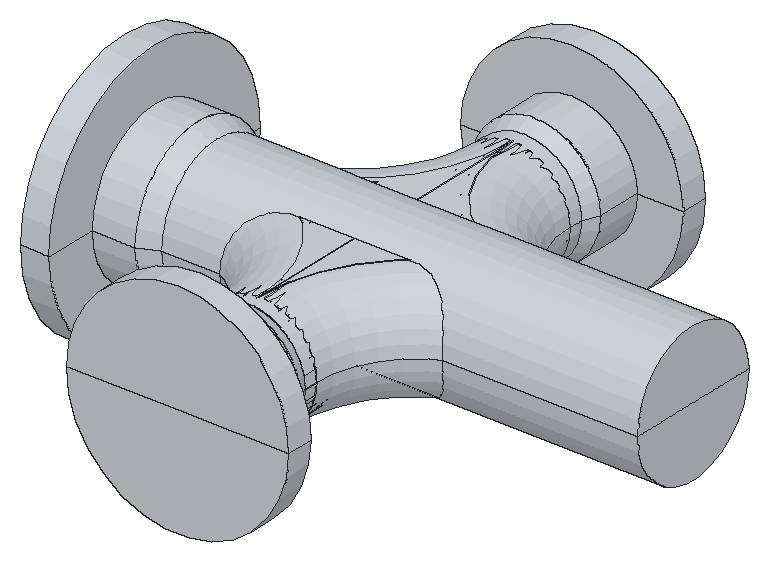
Revit family "4ce358231e93447cb141f83c6fb437fa", category Pipe Fittings, Revit 2021
Family settings
  Round Connector Dimension = Use Radius
  Part Type = Cross
  OmniClass Number = 23.60.30.11.14
  OmniClass Title = Pipework Fittings
  Seek Item ID = Tee - PVC - Sch 40-0000-USA-ENU
  Work Plane-Based = No
  Always vertical = Yes
  Cut with Voids When Loaded = No
  Shared = No
Parameters (values of type "Standard")
  Visibility 1 [instance] = and(Angle 1 = 90.00°, Angle 2 = 90.00°)  # yes
  Tick Size 3 [instance] = Fitting Outside Diameter 3 * 0.4  # 1.5840"
  Tick Size 2 [instance] = Fitting Outside Diameter 2 * 0.4  # 1.5840"
  Tick Size 1 [instance] = Fitting Outside Diameter 1 * 0.4  # 1.9200"
  Socket Outside Radius 3 [instance] = Socket Outside Diameter 3 / 2  # 2.2400"
  Socket Outside Radius 2 [instance] = Socket Outside Diameter 2 / 2  # 2.2400"
  Socket Outside Radius 1 [instance] = Socket Outside Diameter 1 / 2  # 2.7250"
  Socket Outside Diameter 3 [instance] = size_lookup(Lookup Table Name, "SOD", 1.08 * Nominal Diameter 3 + 1.1300", Nominal Diameter 3)  # 4.4800"
  Socket Outside Diameter 1 [instance] = size_lookup(Lookup Table Name, "SOD", 1.08 * Nominal Diameter 1 + 1.1300", Nominal Diameter 1)  # 5.4500"
  Socket Outside Diameter 2 [instance] = size_lookup(Lookup Table Name, "SOD", 1.08 * Nominal Diameter 2 + 1.1300", Nominal Diameter 2)  # 4.4800"
  Socket Depth 3 [instance] = if(Nominal Diameter 3 < 14.0000", 2.5000", if(Nominal Diameter 2 < 30.0000", 3.5000", 4.0000"))  # 2.5000"
  Socket Depth 2 [instance] = if(Nominal Diameter 2 < 14.0000", 2.5000", if(Nominal Diameter 2 < 30.0000", 3.5000", 4.0000"))  # 2.5000"
  Socket Depth 1 [instance] = if(Nominal Diameter 1 < 14.0000", 2.5000", if(Nominal Diameter 1 < 30.0000", 3.5000", 4.0000"))  # 2.5000"
  Nominal Radius 3 [instance] = 1.5000"
  Nominal Radius 2 [instance] = 1.5000"
  Nominal Diameter 3 [instance] = Nominal Radius 3 * 2  # 3.0000"
  Nominal Diameter 2 [instance] = Nominal Radius 2 * 2  # 3.0000"
  Min Nominal Diameter 23 [instance] = if(Nominal Diameter 2 < Nominal Diameter 3, Nominal Diameter 2, Nominal Diameter 3)  # 3.0000"
  Min Center to Socket Bottom 23 [instance] = if(Center to Socket Bottom 2 < Center to Socket Bottom 3, Center to Socket Bottom 2, Center to Socket Bottom 3)  # 6.5000"
  Max Nominal Diameter 23 [instance] = if(Nominal Diameter 2 > Nominal Diameter 3, Nominal Diameter 2, Nominal Diameter 3)  # 3.0000"
  Max Gland Width 24 [instance] = if(Gland Width 2 > Gland Width 3, Gland Width 2, Gland Width 3)  # 0.9400"
  Max Bevel Length 23 [instance] = if(Bevel Length 2 > Bevel Length 3, Bevel Length 2, Bevel Length 3)  # 0.5200"
  Lookup Table Name = "Cross Reducing - MJ x PE - GI - Class 250"
  Length 2 [instance] = Socket Depth 3 + Bevel Length 3  # 3.0200"
  Length 1 [instance] = Socket Depth 2 + Bevel Length 2  # 3.0200"
  Fitting Outside Radius 3 [instance] = Fitting Outside Diameter 3 / 2  # 1.9800"
  Fitting Outside Radius 2 [instance] = Fitting Outside Diameter 2 / 2  # 1.9800"
  Fitting Outside Radius 1 [instance] = Fitting Outside Diameter 1 / 2  # 2.4000"
  Fitting Outside Diameter 3 [instance] = size_lookup(Lookup Table Name, "FOD", 1.04 * Nominal Diameter 3 + 0.7000", Nominal Diameter 3)  # 3.9600"
  Fitting Outside Diameter 2 [instance] = size_lookup(Lookup Table Name, "FOD", 1.04 * Nominal Diameter 2 + 0.7000", Nominal Diameter 2)  # 3.9600"
  Fitting Outside Diameter 1 [instance] = size_lookup(Lookup Table Name, "FOD", 1.04 * Nominal Diameter 1 + 0.7000", Nominal Diameter 1)  # 4.8000"
  Nominal Radius 1 [instance] = 2.0000"
  Nominal Diameter 1 [instance] = Nominal Radius 1 * 2  # 4.0000"
  Loss Method = Not Defined
  K Coefficient Table = (empty or 0)
  Default Elevation = 0.0000"
  Bevel Length 3 [instance] = size_lookup(Lookup Table Name, "BvLgt", 0.04 * Nominal Diameter 3 + 0.4300", Nominal Diameter 3)  # 0.5200"
  Bevel Length 2 Label [instance] = if(not(Angle 2 = 90.00°), Center to End 2 Label - Length 1, Bevel Length 2)  # 0.5200"
  Bevel Length 2 [instance] = size_lookup(Lookup Table Name, "BvLgt", 0.04 * Nominal Diameter 2 + 0.4300", Nominal Diameter 2)  # 0.5200"
  Bevel Length 1 [instance] = size_lookup(Lookup Table Name, "BvLgt", 0.04 * Nominal Diameter 1 + 0.4300", Nominal Diameter 1)  # 0.6500"
  Center to Socket Bottom 4 [instance] = size_lookup(Lookup Table Name, "CtSB2", 5.3800" + 0.57 * Nominal Diameter 1 + 0.04 * Nominal Diameter 3, Nominal Diameter 1, Nominal Diameter 3)  # 6.5000"
  Center to Socket Bottom 3 [instance] = size_lookup(Lookup Table Name, "CtSB3", 0.52 * Nominal Diameter 1 + 4.9600", Nominal Diameter 1, Max Nominal Diameter 23)  # 10.6200"
  Center to Socket Bottom 2 [instance] = size_lookup(Lookup Table Name, "CtSB2", 5.3800" + 0.57 * Nominal Diameter 1 + 0.04 * Nominal Diameter 2, Nominal Diameter 1, Nominal Diameter 2)  # 6.5000"
  Center to Socket Bottom 1 [instance] = size_lookup(Lookup Table Name, "CtSB1", 4.1700" + 0.34 * Nominal Diameter 1 + 0.31 * Max Nominal Diameter 23, Nominal Diameter 1, Max Nominal Diameter 23)  # 6.5000"
  Center to End 3 Label [instance] = if((Max Center to End 24 - Max Gland Width 24) * tan(Angle 5 / 2) > Gland Outside Radius 1, Center to Socket Bottom 3, Gland Outside Radius 1 / tan(Angle 5 / 2) + Max Gland Width 24)  # 10.6200"
  Center to End 3 [instance] = Center to Socket Bottom 4 + Socket Depth 3  # 9.0000"
  Max Center to End 24 [instance] = if(Center to End 2 > Center to End 3, Center to End 2, Center to End 3)  # 9.0000"
  Center to End 2 Label [instance] = if((Max Center to End 24 - Max Gland Width 24) * tan(Angle 5 / 2) > Gland Outside Radius 1, Max Center to End 24, Gland Outside Radius 1 / tan(Angle 5 / 2) + Max Gland Width 24)  # 9.0000"
  Center to End 2 [instance] = Center to Socket Bottom 2 + Socket Depth 2  # 9.0000"
  Center to End 1 Label [instance] = if((Max Center to End 24 - Max Gland Width 24) * tan(Angle 5 / 2) > Gland Outside Radius 1, Center to End 1, Gland Outside Radius 1 / tan(Angle 5 / 2) + Max Gland Width 24)  # 9.0000"
  Center to End 1 [instance] = Center to Socket Bottom 1 + Socket Depth 1  # 9.0000"
  Center Radius Label [instance] = if(Min Center to Socket Bottom 23 - Center Radius - Max Bevel Length 23 < 0.5000", Min Center to Socket Bottom 23 - Max Bevel Length 23 - 0.5000", Center Radius)  # 5.4800"
  Center Radius [instance] = size_lookup(Lookup Table Name, "CRad", 4.4800" + 0.3 * Nominal Diameter 1 + 0.33 * Max Nominal Diameter 23, Nominal Diameter 1, Max Nominal Diameter 23)  # 5.8500"
  Gland Width 3 [instance] = size_lookup(Lookup Table Name, "GWid", 0.03 * Nominal Diameter 3 + 0.9400", Nominal Diameter 3)  # 0.9400"
  Gland Width 2 [instance] = size_lookup(Lookup Table Name, "GWid", 0.03 * Nominal Diameter 2 + 0.9400", Nominal Diameter 2)  # 0.9400"
  Gland Width 1 [instance] = size_lookup(Lookup Table Name, "GWid", 0.03 * Nominal Diameter 1 + 0.9400", Nominal Diameter 1)  # 1.0000"
  Gland Outside Radius 3 [instance] = Gland Outside Diameter 3 / 2  # 3.8450"
  Gland Outside Radius 2 [instance] = Gland Outside Diameter 2 / 2  # 3.8450"
  Gland Outside Radius 1 [instance] = Gland Outside Diameter 1 / 2  # 4.5600"
  Gland Outside Diameter 3 [instance] = size_lookup(Lookup Table Name, "GOD", 1.16 * Nominal Diameter 3 + 4.0300", Nominal Diameter 3)  # 7.6900"
  Gland Outside Diameter 2 [instance] = size_lookup(Lookup Table Name, "GOD", 1.16 * Nominal Diameter 2 + 4.0300", Nominal Diameter 2)  # 7.6900"
  Gland Outside Diameter 1 [instance] = size_lookup(Lookup Table Name, "GOD", 1.16 * Nominal Diameter 1 + 4.0300", Nominal Diameter 1)  # 9.1200"
  Angle 5 [instance] = if(tan(Angle 3 / 2) > tan(Angle 4 / 2), Angle 4, Angle 3)  # 90.00°
  Angle 4 [instance] = if(Angle 2 > 90.00°, 180.00° - Angle 2, Angle 2)  # 90.00°
  Angle 3 [instance] = if(Angle 1 > 90.00°, 180.00° - Angle 1, Angle 1)  # 90.00°
  Angle 2 [instance] = 90.00°
  Angle 1 [instance] = 90.00°
Reference planes (in)
  plane 1 "Center (Front/Back)": y = 0
  plane 2: z = 0
  plane 3 "Center (Left/Right)": x = 0
  plane 4: y = -6.5
  plane 5: y = 4.56
  plane 6: y = 2.725
  plane 7: y = 2.4
  plane 8: x = -9
  plane 9: x = -8
  plane 10: x = -5.85
  plane 11: x = -6.5
  plane 12: x = 10.62
  plane 13: y = -5.98
  plane 14: y = -5.48
  plane 15: x = -5.48
  plane 16: x = 5.48
  plane 17: z = 1.98
  plane 18: z = -1.98
  plane 19: y = 1.92
  plane 20: y = -1.92
  plane 21: y = 6.5
  plane 22: y = 5.98
  plane 23: y = 5.48
  plane 24: y = 1.92
  plane 25: z = 1.98
  plane 26: z = -1.98
Forms (in)
  Revolve 1, solid, detail levels fine
    sketch origin (0, 0, 0) x (1, 0, 0) y (0, 1, 0)
      loop
        line (-9, 0) -> (10.62, 0) -> (10.62, 2.4) -> (-5.85, 2.4) -> (-6.5, 2.725) -> (-8, 2.725) -> (-8, 4.56) -> (-9, 4.56) -> (-9, 0)
      axis (-9, 0) -> (10.62, 0)
    angle from 0 to 360
  Sweep 2, solid, visible <- "Visibility 1", detail levels fine
    path origin (0, 0, 0) x (1, 0, 0) y (0, 1, 0)
      loop
        arc (-5.48, 0) -> (-1.60505, -1.60505) -> (0, -5.48) r 5.48
        line (0, -5.48) -> (0, -5.98)
    profile origin (0, -5.48, 0) x (1, 0, 0) y (0, 0, 1)
      loop
        circle (0, 0) r 1.98
  Sweep 3, solid, visible <- "Visibility 1", detail levels fine
    path origin (0, 0, 0) x (-1, 0, 0) y (0, 1, 0)
      loop
        arc (-5.48, 0) -> (-1.60505, -1.60505) -> (0, -5.48) r 5.48
        line (0, -5.48) -> (0, -5.98)
    profile origin (0, -5.48, 0) x (1, 0, 0) y (0, 0, 1)
      loop
        circle (0, 0) r 1.98
  Extrusion 4, solid, visible <- "Visibility 1", detail levels fine
    sketch origin (0, 0, 0) x (1, 0, 0) y (0, 1, 0)
      loop
        arc (0, -5.48) -> (1.60505, -1.60505) -> (5.48, 0) r 5.48
        line (5.48, 0) -> (-5.48, 0)
        arc (-5.48, 0) -> (-1.60505, -1.60505) -> (0, -5.48) r 5.48
    from -1.98 to 1.98
  Sweep 5, solid, visible <- "Visibility 1", detail levels fine
    path origin (0, 0, 0) x (-1, 0, 0) y (0, -1, 0)
      loop
        arc (-5.48, 0) -> (-1.60505, -1.60505) -> (0, -5.48) r 5.48
    profile origin (0, 5.48, 0) x (-1, 0, 0) y (0, 0, 1)
      loop
        circle (0, 0) r 1.98
  Extrusion 6, solid, visible <- "Visibility 1", detail levels fine
    sketch origin (0, 0, 0) x (1, 0, 0) y (0, 1, 0)
      loop
        arc (0, 5.48) -> (-1.60505, 1.60505) -> (-5.48, 0) r 5.48
        line (-5.48, 0) -> (5.48, 0)
        arc (5.48, 0) -> (1.60505, 1.60505) -> (0, 5.48) r 5.48
    from -1.98 to 1.98
  Sweep 7, solid, visible <- "Visibility 1", detail levels fine
    path origin (0, 0, 0) x (1, 0, 0) y (0, -1, 0)
      loop
        arc (-5.48, 0) -> (-1.60505, -1.60505) -> (0, -5.48) r 5.48
    profile origin (0, 5.48, 0) x (-1, 0, 0) y (0, 0, 1)
      loop
        circle (0, 0) r 1.98
  Revolve 8, solid, detail levels fine
    sketch origin (0, 0, 0) x (0, -1, 0) y (1, 0, 0)
      loop
        line (9, 0) -> (0, 0) -> (0, -1.98) -> (5.98, -1.98) -> (6.5, -2.24) -> (8.06, -2.24) -> (8.06, -3.845) -> (9, -3.845) -> (9, 0)
      axis (0, 0) -> (9, 0)
    angle from 0 to 360
  Revolve 9, solid, detail levels fine
    sketch origin (0, 0, 0) x (0, 1, 0) y (-1, 0, 0)
      loop
        line (9, 0) -> (9, 3.845) -> (8.06, 3.845) -> (8.06, 2.24) -> (6.5, 2.24) -> (5.98, 1.98) -> (0, 1.98) -> (0, 0) -> (9, 0)
      axis (0, 0) -> (9, 0)
    angle from 0 to 360
Lines and regions (in)
  model lines, detail levels coarse+medium
    curve 1: line (-9, 1.92, 0) -> (-9, -1.92, 0)
    curve 2: line (10.62, 1.92, 0) -> (10.62, -1.92, 0)
    curve 6: line (-1.584, -9, 0) -> (1.584, -9, 0)
    curve 8: line (-1.584, 9, 0) -> (1.584, 9, 0)
  model lines, style "PipeFitting", detail levels coarse+medium
    curve 3: line (-9, 0, 0) -> (10.62, 0, 0)
    curve 7: line (0, 0, 0) -> (0, -9, 0)
    curve 9: line (0, 0, 0) -> (0, 9, 0)
  reference lines, not visible
    curve 4: line (0, 0, 0) -> (0, -9, 0)
    curve 5: line (0, 0, 0) -> (0, 9, 0)
Dimensions and locks (in)
  "Center to Socket Bottom 2": plane 4 to plane 1 "Center (Front/Back)"
  "Fitting Outside Radius 1": plane 7 to plane 1 "Center (Front/Back)"
  "Socket Outside Radius 1": plane 6 to plane 1 "Center (Front/Back)"
  "Gland Outside Radius 1": plane 5 to plane 1 "Center (Front/Back)"
  "Gland Width 1": plane 8 to plane 9
  "Socket Depth 1": plane 8 to plane 11
  "Bevel Length 1": plane 11 to plane 10
  "Bevel Length 2": plane 13 to plane 4
  "Center Radius Label": plane 1 "Center (Front/Back)" to plane 14
  "Center Radius Label": plane 15 to plane 3 "Center (Left/Right)"
  "Center Radius Label": plane 3 "Center (Left/Right)" to plane 16
  "Fitting Outside Radius 2": plane 17 to plane 2
  "Fitting Outside Radius 2": plane 18 to level
  "Tick Size 1": plane 1 "Center (Front/Back)" to plane 20
  "Tick Size 1": plane 19 to plane 1 "Center (Front/Back)"
  "Center to Socket Bottom 4": plane 21 to plane 1 "Center (Front/Back)"
  "Bevel Length 3": plane 22 to plane 21
  "Center Radius Label": plane 1 "Center (Front/Back)" to plane 23
  "Tick Size 1": plane 1 "Center (Front/Back)" to plane 24
  "Fitting Outside Radius 3": plane 2 to plane 26
  "Fitting Outside Radius 3": plane 25 to plane 2
  "Center to End 1 Label": plane 8 to plane 3 "Center (Left/Right)"
  "Center to End 3 Label": plane 3 "Center (Left/Right)" to plane 12
  "Center to End 2 Label": curve 4 to curve 4
  "Center to End 2 Label": curve 5 to curve 5
  "Tick Size 2": curve 6 to curve 4
  "Tick Size 2": curve 4 to curve 6
  "Center to End 2 Label": curve 7 to curve 7
  "Center to End 2 Label": Revolve 8 sketch curve to Revolve 8 sketch curve
  "Gland Outside Radius 2": Revolve 8 sketch curve to Revolve 8 sketch curve
  "Socket Outside Radius 2": Revolve 8 sketch curve to Revolve 8 sketch curve
  "Gland Width 2": Revolve 8 sketch curve to Revolve 8 sketch curve
  "Socket Depth 2": Revolve 8 sketch curve to Revolve 8 sketch curve
  "Fitting Outside Radius 2": Revolve 8 sketch curve to Revolve 8 sketch curve
  "Length 1": Revolve 8 sketch curve to Revolve 8 sketch curve
  "Tick Size 3": curve 8 to curve 5
  "Tick Size 3": curve 5 to curve 8
  "Center to End 2 Label": curve 9 to curve 9
  "Center to End 2 Label": Revolve 9 sketch curve to Revolve 9 sketch curve
  "Socket Outside Radius 3": Revolve 9 sketch curve to Revolve 9 sketch curve
  "Gland Outside Radius 3": Revolve 9 sketch curve to Revolve 9 sketch curve
  "Fitting Outside Radius 3": Revolve 9 sketch curve to Revolve 9 sketch curve
  "Gland Width 3": Revolve 9 sketch curve to Revolve 9 sketch curve
  "Socket Depth 3": Revolve 9 sketch curve to Revolve 9 sketch curve
  "Length 2": Revolve 9 sketch curve to Revolve 9 sketch curve
  "Center Radius Label": radius of Sweep 2 sketch curve
  "Fitting Outside Radius 2": radius of Sweep 2 sketch curve
  "Center Radius Label": radius of Sweep 3 sketch curve
  "Fitting Outside Radius 2": radius of Sweep 3 sketch curve
  "Center Radius Label": radius of Extrusion 4 sketch curve  (x2)
  "Center Radius Label": radius of Sweep 5 sketch curve
  "Fitting Outside Radius 3": radius of Sweep 5 sketch curve
  "Center Radius Label": radius of Extrusion 6 sketch curve  (x2)
  "Center Radius Label": radius of Sweep 7 sketch curve
  "Fitting Outside Radius 3": radius of Sweep 7 sketch curve
  "Angle 1": angle curve 4 to plane 1 "Center (Front/Back)"
  "Angle 2": angle plane 1 "Center (Front/Back)" to curve 5
  locked: curve 4 to curve 6 (angle 90.00°)
  "Angle 1": angle curve 7 to plane 1 "Center (Front/Back)"
  "Angle 1": angle Revolve 8 sketch curve to plane 1 "Center (Front/Back)"
  locked: curve 5 to curve 8 (angle 90.00°)
  "Angle 2": angle plane 1 "Center (Front/Back)" to curve 9
  "Angle 2": angle plane 1 "Center (Front/Back)" to Revolve 9 sketch curve
  aligned and locked: plane 1 "Center (Front/Back)" to Revolve 1 sketch curve
  aligned and locked: plane 8 to Revolve 1 sketch curve
  aligned and locked: Revolve 1 sketch curve to plane 5
  aligned and locked: Revolve 1 sketch curve to plane 7
  aligned and locked: Revolve 1 sketch curve to plane 6
  aligned and locked: plane 12 to Revolve 1 sketch curve
  aligned and locked: Revolve 1 sketch curve to plane 9
  aligned and locked: Revolve 1 sketch curve to Revolve 1 sketch curve
  aligned and locked: plane 11 to Revolve 1 sketch curve
  aligned and locked: plane 10 to Revolve 1 sketch curve
  aligned and locked: plane 14 to Sweep 2 sketch curve
  aligned and locked: plane 15 to Sweep 2 sketch curve
  aligned and locked: plane 16 to Sweep 3 sketch curve
  aligned and locked: plane 14 to Sweep 3 sketch curve
  aligned and locked: plane 15 to Extrusion 4 sketch curve  (x2)
  aligned and locked: plane 14 to Extrusion 4 sketch curve  (x3)
  aligned and locked: plane 16 to Extrusion 4 sketch curve  (x2)
  aligned and locked: plane 1 "Center (Front/Back)" to Extrusion 4 sketch curve
  aligned and locked: plane 18 to Extrusion 4
  aligned and locked: plane 17 to Extrusion 4
  aligned and locked: plane 20 to curve 2
  aligned and locked: plane 19 to curve 2
  aligned and locked: plane 12 to curve 2
  aligned and locked: plane 20 to curve 1
  aligned and locked: plane 19 to curve 1
  aligned and locked: curve 1 to plane 8
  aligned and locked: plane 1 "Center (Front/Back)" to curve 3
  aligned and locked: plane 8 to curve 3
  aligned and locked: plane 12 to curve 3
  aligned and locked: plane 26 to Extrusion 6
  aligned and locked: plane 25 to Extrusion 6
  aligned and locked: plane 13 to Sweep 2 sketch curve
  aligned and locked: plane 3 "Center (Left/Right)" to curve 5
  aligned and locked: plane 1 "Center (Front/Back)" to curve 5
  aligned and locked: curve 6 to curve 4
  aligned and locked: plane 3 "Center (Left/Right)" to curve 7
  aligned and locked: plane 1 "Center (Front/Back)" to curve 7
  aligned and locked: plane 3 "Center (Left/Right)" to Revolve 8 sketch curve
  aligned and locked: plane 1 "Center (Front/Back)" to Revolve 8 sketch curve
  aligned and locked: Revolve 8 sketch curve to Revolve 8 sketch curve  (x3)
  aligned and locked: curve 8 to curve 5
  aligned and locked: plane 3 "Center (Left/Right)" to curve 9
  aligned and locked: plane 3 "Center (Left/Right)" to Revolve 9 sketch curve
  aligned and locked: plane 1 "Center (Front/Back)" to Revolve 9 sketch curve
  aligned and locked: Revolve 9 sketch curve to Revolve 9 sketch curve  (x3)
  aligned and locked: plane 13 to Sweep 3 sketch curve
  aligned and locked: plane 15 to Sweep 7 sketch curve
Automatic sketch dimensions
  Revolve 1 sketch curve to plane 8 = 1.01143"
  Revolve 1 sketch curve to plane 12 = 1.76143"
  Sweep 2 sketch curve to level = 0.0000"
  profile plane to Sweep 2 sketch curve = 0.0000"
  Sweep 3 sketch curve to level = 0.0000"
  profile plane to Sweep 3 sketch curve = 0.0000"
  Sweep 5 sketch curve to level = 0.0000"
  Sweep 5 sketch curve to profile plane = 0.0000"
  plane 1 "Center (Front/Back)" to Extrusion 6 sketch curve = 0.0000"
  Extrusion 6 sketch curve to plane 15 = 0.0000"
  Extrusion 6 sketch curve to plane 3 "Center (Left/Right)" = 0.0000"
  Sweep 7 sketch curve to level = 0.0000"
  Sweep 7 sketch curve to profile plane = 0.0000"
  plane 1 "Center (Front/Back)" to Sweep 5 sketch curve = 0.0000"
  plane 1 "Center (Front/Back)" to Sweep 7 sketch curve = 0.0000"
  Sweep 5 sketch curve to plane 16 = 0.0000"
Connectors (in)
  piping at (-9, 0, 0), diameter 4, driven by "Nominal Radius 1"
    settings: on Revolve 1, index 1, connector inside diameter 4.0000", connector length 0.0000", flow factor 0, pipe flow 0 GPM, pressure drop 0.00 psi, fitting loss kfactor 0, connector angle 0.00°, fixture units 0, engagement length 0.0000", angle of deflection 0.00°, flow configuration 0, flow direction 0, fitting loss method 0, system type 28, joint type 0, gender type 0, connector reference index 2, connector utility 0, adjustable connector no, is connector primary yes, connector description ""
  piping at (10.62, 0, 0), diameter 4, driven by "Nominal Radius 1"
    settings: on Revolve 1, index 2, connector inside diameter 4.0000", connector length 0.0000", flow factor 0, pipe flow 0 GPM, pressure drop 0.00 psi, fitting loss kfactor 0, connector angle 0.00°, fixture units 0, engagement length 0.0000", angle of deflection 0.00°, flow configuration 0, flow direction 0, fitting loss method 0, system type 28, joint type 0, gender type 0, connector reference index 1, connector utility 0, adjustable connector no, is connector primary no, connector description ""
  piping at (0, -9, 0), diameter 3, driven by "Nominal Radius 2", driven by "Angle 1"
    settings: on Revolve 8, index 3, connector inside diameter 3.0000", connector length 0.0000", flow factor 0, pipe flow 0 GPM, pressure drop 0.00 psi, fitting loss kfactor 0, connector angle 90.00°, fixture units 0, engagement length 0.0000", angle of deflection 0.00°, flow configuration 0, flow direction 0, fitting loss method 0, system type 28, joint type 0, gender type 0, connector reference index 4, connector utility 0, adjustable connector no, is connector primary no, connector description ""
  piping at (0, 9, 0), diameter 3, driven by "Nominal Radius 3", driven by "Angle 2"
    settings: on Revolve 9, index 4, connector inside diameter 3.0000", connector length 0.0000", flow factor 0, pipe flow 0 GPM, pressure drop 0.00 psi, fitting loss kfactor 0, connector angle 90.00°, fixture units 0, engagement length 0.0000", angle of deflection 0.00°, flow configuration 0, flow direction 0, fitting loss method 0, system type 28, joint type 0, gender type 0, connector reference index 3, connector utility 0, adjustable connector no, is connector primary no, connector description ""
